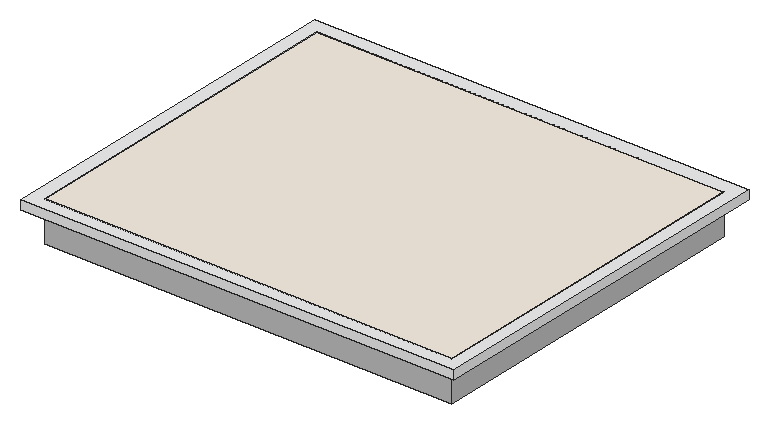
Revit family "Lighting-Industrial-GEWISS-ELIA-HL-LED_HIGHBAY", category Apparecchi per illuminazione, host Superficie, Revit 2019 (continued)
Types (12, lengths in mm): name | Weight (kg): | Weight (kg) | Voltage | Technical sheet | System power | Optic | built-in parameter 1150142 | Lumen output (lm) | Model | IDT | File diagramma fotometrico | Description
  GWF1000MH840 - ELIA HL M2 60° 4000K S.ALONE ON/OFF | "3,9" | "3,9" | "100-240 V " | "https://www.gewiss.com/ww/en/search?q=GWF1100VC875" | "120W" | "60°" | "IESNA:LM-63-1995\r\n[TEST] HB25-120-4080-60D-H00111\r\n[DATE] 27 Nov 2019\r\n[MANUFAC] GEWISS\r\n[LUMCAT] GWF1000MH840\r\n[LUMINAIRE] ELIA HL - M2 60° LED840 120W\r\n[FLASHAREA] 0.013851\r\n[LAMPCAT] LED 120W/16900lm\r\n[LAMP] LED 120W/16900lm\r\nTILT=NONE\r\n1 16900.00 1.0 181 37 1 2 -0.270 0.000 0.000\r\n1.00 1.00 120.00\r\n0.00 0.50 1.00 1.50 2.00 2.50 3.00 3.50 4.00 4.50 5.00 \r\n5.50 6.00 6.50 7.00 7.50 8.00 8.50 9.00 9.50 10.00 10.50 \r\n11.00 11.50 12.00 12.50 13.00 13.50 14.00 14.50 15.00 \r\n15.50 16.00 16.50 17.00 17.50 18.00 18.50 19.00 19.50 \r\n20.00 20.50 21.00 21.50 22.00 22.50 23.00 23.50 24.00 \r\n24.50 25.00 25.50 26.00 26.50 27.00 27.50 28.00 28.50 \r\n29.00 29.50 30.00 30.50 31.00 31.50 32.00 32.50 33.00 \r\n33.50 34.00 34.50 35.00 35.50 36.00 36.50 37.00 37.50 \r\n38.00 38.50 39.00 39.50 40.00 40.50 41.00 41.50 42.00 \r\n42.50 43.00 43.50 44.00 44.50 45.00 45.50 46.00 46.50 \r\n47.00 47.50 48.00 48.50 49.00 49.50 50.00 50.50 51.00 \r\n51.50 52.00 52.50 53.00 53.50 54.00 54.50 55.00 55.50 \r\n56.00 56.50 57.00 57.50 58.00 58.50 59.00 59.50 60.00 \r\n60.50 61.00 61.50 62.00 62.50 63.00 63.50 64.00 64.50 \r\n65.00 65.50 66.00 66.50 67.00 67.50 68.00 68.50 69.00 \r\n69.50 70.00 70.50 71.00 71.50 72.00 72.50 73.00 73.50 \r\n74.00 74.50 75.00 75.50 76.00 76.50 77.00 77.50 78.00 \r\n78.50 79.00 79.50 80.00 80.50 81.00 81.50 82.00 82.50 \r\n83.00 83.50 84.00 84.50 85.00 85.50 86.00 86.50 87.00 \r\n87.50 88.00 88.50 89.00 89.50 90.00 \r\n0.00 2.50 5.00 7.50 10.00 12.50 15.00 17.50 20.00 22.50 \r\n25.00 27.50 30.00 32.50 35.00 37.50 40.00 42.50 45.00 \r\n47.50 50.00 52.50 55.00 57.50 60.00 62.50 65.00 67.50 \r\n70.00 72.50 75.00 77.50 80.00 82.50 85.00 87.50 90.00 \r\n12448.54 12448.54 12443.47 12435.02 12421.50 12404.60 \r\n12387.70 12369.11 12347.14 12323.48 12298.13 12271.09 \r\n12240.67 12208.56 12171.38 12132.51 12088.57 12042.94 \r\n11995.62 11944.92 11892.53 11838.45 11780.99 11723.53 \r\n11664.38 11603.54 11541.01 11475.10 11407.50 11336.52 \r\n11262.16 11184.42 11103.30 11022.18 10939.37 10854.87 \r\n10768.68 10680.80 10591.23 10503.35 10412.09 10317.45 \r\n10217.74 10112.96 10003.11 9888.19 9768.20 9641.45 \r\n9513.01 9382.88 9249.37 9109.10 8965.45 8820.11 8668.01 \r\n8500.70 8323.25 8135.66 7943.00 7750.34 7555.99 7359.95 \r\n7165.60 6974.63 6790.42 6612.97 6440.59 6273.28 6109.35 \r\n5948.80 5788.25 5629.39 5470.53 5311.67 5156.19 5004.09 \r\n4855.37 4706.65 4561.31 4419.35 4282.46 4148.95 4020.51 \r\n3895.45 3773.77 3648.71 3523.65 3401.97 3285.36 3172.13 \r\n3062.28 2957.50 2856.10 2758.08 2660.06 2562.04 2465.71 \r\n2374.45 2286.57 2197.00 2112.50 2033.07 1958.71 1887.73 \r\n1818.44 1754.22 1691.69 1628.65 1566.80 1509.85 1455.26 \r\n1401.18 1348.28 1295.72 1244.68 1196.52 1150.21 1105.09 \r\n1062.16 1023.29 986.11 947.75 910.57 877.28 845.51 814.24 \r\n783.65 753.23 724.33 699.32 675.15 648.62 622.43 599.11 \r\n576.97 554.83 534.04 516.80 500.41 482.66 464.24 444.64 \r\n424.70 405.09 386.84 371.29 357.60 345.10 332.93 318.56 \r\n304.03 290.51 278.00 266.51 256.03 246.91 239.64 235.42 \r\n231.70 226.46 219.02 207.53 194.69 182.35 170.01 157.63 \r\n144.65 130.32 115.21 99.57 83.67 67.36 52.15 39.73 29.27 \r\n20.42 13.37 8.39 5.11 3.23 2.85 \r\n12448.54 12448.54 12443.47 12435.02 12422.34 12405.44 \r\n12387.70 12368.26 12347.98 12324.32 12298.13 12271.09 \r\n12240.67 12206.87 12170.53 12129.97 12086.88 12042.09 \r\n11993.93 11943.23 11892.53 11837.60 11781.83 11724.37 \r\n11666.91 11606.07 11541.85 11475.94 11408.34 11337.36 \r\n11263.00 11184.42 11104.14 11023.02 10940.22 10855.72 \r\n10769.52 10681.64 10592.92 10504.19 10412.93 10318.29 \r\n10219.43 10115.49 10005.64 9889.03 9768.20 9642.29 \r\n9513.01 9382.88 9249.37 9109.94 8967.14 8821.80 8668.85 \r\n8502.39 8324.94 8138.19 7946.38 7752.03 7558.52 7363.33 \r\n7171.51 6982.23 6798.02 6619.73 6448.19 6278.35 6113.57 \r\n5952.18 5791.63 5631.08 5472.22 5313.36 5156.19 5004.09 \r\n4854.52 4708.34 4563.85 4423.57 4286.68 4153.17 4023.89 \r\n3898.83 3776.30 3651.24 3527.03 3404.50 3285.36 3171.28 \r\n3060.59 2954.96 2851.87 2752.16 2654.99 2556.13 2459.80 \r\n2368.53 2279.81 2191.09 2106.59 2028.84 1954.48 1882.66 \r\n1815.06 1749.99 1687.63 1624.43 1563.08 1506.04 1451.37 \r\n1397.63 1344.90 1292.60 1241.64 1193.06 1146.24 1101.04 \r\n1058.11 1019.15 981.72 943.70 907.02 873.48 841.70 810.44 \r\n780.02 749.85 721.12 696.20 672.03 646.00 620.40 597.33 \r\n575.36 553.14 532.27 514.52 497.79 480.30 462.30 443.37 \r\n424.11 404.92 386.76 370.87 356.51 343.83 331.41 317.38 \r\n303.27 290.17 277.75 266.17 255.78 246.74 239.39 234.91 \r\n231.11 226.12 219.11 207.53 194.52 182.44 170.10 157.84 \r\n144.91 130.55 115.44 99.88 84.14 68.15 53.18 40.67 29.96 \r\n20.87 13.63 8.55 5.22 3.29 2.86 \r\n12448.54 12448.54 12443.47 12435.02 12422.34 12406.29 \r\n12387.70 12369.11 12347.98 12324.32 12298.13 12269.40 \r\n12239.82 12205.18 12168.00 12128.28 12085.19 12039.56 \r\n11991.39 11943.23 11890.84 11837.60 11782.68 11726.06 \r\n11666.91 11606.92 11542.70 11476.79 11409.19 11337.36 \r\n11263.00 11185.26 11104.14 11023.02 10939.37 10854.87 \r\n10768.68 10682.49 10593.76 10505.04 10413.78 10319.98 \r\n10221.12 10116.34 10006.49 9889.88 9769.04 9642.29 \r\n9513.01 9382.03 9248.52 9110.79 8967.98 8822.64 8669.70 \r\n8503.23 8326.63 8139.88 7947.22 7753.72 7558.52 7365.86 \r\n7175.74 6988.15 6804.78 6627.33 6454.11 6283.42 6116.95 \r\n5953.87 5794.16 5632.77 5472.22 5313.36 5156.19 5003.24 \r\n4854.52 4707.49 4564.69 4425.27 4288.38 4156.55 4027.27 \r\n3902.21 3778.84 3652.93 3527.03 3404.50 3284.51 3169.59 \r\n3058.05 2950.74 2846.80 2747.09 2648.23 2549.36 2453.03 \r\n2361.77 2273.05 2185.17 2101.51 2022.93 1949.41 1877.59 \r\n1809.99 1744.92 1682.31 1619.61 1558.77 1501.65 1446.72 \r\n1393.15 1340.85 1288.79 1238.09 1189.08 1141.85 1096.56 \r\n1053.80 1014.59 977.07 939.30 902.97 869.50 837.56 806.47 \r\n776.05 746.13 717.74 692.65 668.56 642.96 617.86 595.22 \r\n573.33 551.36 530.41 512.15 494.92 477.59 460.10 441.77 \r\n423.26 404.50 386.42 370.19 355.32 342.31 329.89 316.11 \r\n302.51 289.50 277.24 265.75 255.36 246.40 239.13 234.57 \r\n230.60 225.78 218.94 207.45 194.43 182.44 170.27 158.01 \r\n145.14 130.76 115.63 100.14 84.53 68.84 54.09 41.46 30.55 \r\n21.26 13.85 8.70 5.33 3.34 2.87 \r\n12448.54 12448.54 12443.47 12435.86 12423.19 12406.29 \r\n12388.54 12369.11 12347.14 12323.48 12297.28 12268.56 \r\n12238.13 12203.49 12165.47 12125.75 12083.50 12037.87 \r\n11990.55 11940.69 11890.84 11837.60 11782.68 11726.06 \r\n11667.76 11606.92 11544.39 11478.48 11409.19 11338.21 \r\n11263.00 11184.42 11104.14 11022.18 10939.37 10854.87 \r\n10769.52 10681.64 10593.76 10505.88 10414.63 10320.83 \r\n10221.97 10117.18 10006.49 9889.88 9768.20 9642.29 \r\n9513.01 9381.19 9247.68 9109.94 8967.98 8822.64 8670.54 \r\n8504.08 8326.63 8140.73 7948.07 7753.72 7559.37 7367.55 \r\n7179.12 6993.22 6809.85 6632.40 6459.18 6287.64 6119.49 \r\n5955.56 5794.16 5632.77 5472.22 5311.67 5154.50 5001.55 \r\n4853.68 4707.49 4565.53 4426.95 4290.91 4158.24 4029.80 \r\n3903.90 3779.68 3652.93 3527.03 3403.66 3282.82 3167.06 \r\n3054.67 2946.51 2841.73 2740.34 2640.63 2541.76 2444.59 \r\n2353.32 2265.45 2179.25 2095.60 2017.01 1942.65 1872.52 \r\n1804.07 1739.01 1676.40 1614.12 1553.70 1496.58 1441.57 \r\n1388.17 1336.11 1284.48 1233.87 1184.61 1137.03 1091.91 \r\n1049.24 1009.77 972.09 934.74 898.74 865.20 833.25 802.16 \r\n771.99 742.25 714.02 688.93 664.85 639.75 615.24 592.77 \r\n571.14 549.25 528.29 509.70 491.96 474.72 457.57 439.91 \r\n422.08 403.74 385.91 369.43 354.14 340.79 328.20 314.68 \r\n301.41 288.74 276.65 265.25 254.94 246.15 238.97 234.32 \r\n230.18 225.36 218.69 207.19 194.18 182.27 170.28 158.15 \r\n145.32 130.92 115.78 100.36 84.87 69.43 54.87 42.13 31.02 \r\n21.58 14.04 8.83 5.42 3.39 2.87 \r\n12448.54 12448.54 12443.47 12435.02 12423.19 12407.13 \r\n12388.54 12369.11 12347.98 12323.48 12295.59 12267.71 \r\n12236.44 12201.80 12163.77 12124.06 12081.81 12036.18 \r\n11988.86 11939.85 11888.31 11836.76 11782.68 11726.91 \r\n11668.60 11608.61 11544.39 11478.48 11409.19 11338.21 \r\n11263.00 11184.42 11103.30 11021.33 10939.37 10854.87 \r\n10769.52 10681.64 10593.76 10505.88 10414.63 10320.83 \r\n10222.81 10118.03 10006.49 9889.88 9768.20 9641.45 \r\n9511.32 9381.19 9247.68 9109.94 8968.83 8822.64 8669.70 \r\n8504.08 8327.47 8140.73 7948.91 7753.72 7559.37 7369.24 \r\n7182.50 6997.44 6815.77 6638.32 6462.56 6290.18 6121.18 \r\n5957.25 5794.16 5632.77 5471.37 5309.98 5151.97 4999.86 \r\n4851.99 4706.65 4565.53 4426.95 4292.60 4159.93 4030.65 \r\n3904.74 3779.68 3652.93 3526.18 3401.97 3281.13 3164.52 \r\n3050.45 2941.45 2835.82 2733.57 2633.02 2534.15 2436.98 \r\n2345.72 2258.68 2172.49 2089.68 2011.10 1937.59 1865.76 \r\n1798.16 1733.09 1670.06 1608.20 1548.29 1491.09 1435.91 \r\n1382.76 1330.96 1279.67 1229.31 1179.70 1132.05 1087.09 \r\n1044.50 1004.79 967.02 930.01 894.35 860.97 828.86 797.85 \r\n767.77 738.28 710.22 685.13 661.04 636.37 612.29 590.15 \r\n568.77 547.05 526.01 507.08 489.09 471.76 454.78 437.79 \r\n420.64 402.81 385.32 368.50 352.87 339.27 326.42 313.24 \r\n300.31 287.81 275.89 264.65 254.43 245.98 238.88 234.06 \r\n229.76 225.02 218.43 206.94 193.93 182.18 170.32 158.24 \r\n145.44 131.03 115.88 100.51 85.13 69.91 55.52 42.68 31.40 \r\n21.83 14.19 8.94 5.50 3.43 2.87 \r\n12448.54 12448.54 12443.47 12435.02 12423.19 12407.13 \r\n12389.39 12369.11 12347.14 12322.63 12295.59 12266.02 \r\n12234.75 12199.26 12161.24 12121.52 12079.27 12034.49 \r\n11988.01 11938.16 11888.31 11835.91 11782.68 11726.91 \r\n11669.45 11609.45 11545.23 11479.32 11410.03 11337.36 \r\n11262.16 11184.42 11103.30 11021.33 10937.68 10854.02 \r\n10768.68 10682.49 10593.76 10505.88 10414.63 10320.83 \r\n10223.66 10118.88 10006.49 9889.88 9767.35 9641.45 \r\n9511.32 9380.34 9246.83 9109.94 8968.83 8823.49 8669.70 \r\n8503.23 8326.63 8140.73 7948.07 7754.56 7560.22 7371.78 \r\n7185.03 7000.82 6819.99 6642.55 6466.78 6292.72 6122.02 \r\n5956.40 5793.32 5630.23 5468.84 5308.29 5149.43 4998.17 \r\n4850.30 4705.80 4564.69 4427.80 4292.60 4160.78 4031.49 \r\n3904.74 3778.84 3651.24 3525.34 3400.28 3278.60 3160.30 \r\n3046.22 2936.37 2830.75 2726.81 2626.26 2525.70 2430.22 \r\n2338.11 2251.92 2165.74 2082.92 2005.18 1931.67 1859.84 \r\n1791.40 1727.18 1663.47 1602.04 1542.55 1485.26 1429.91 \r\n1377.01 1325.55 1274.43 1224.32 1174.72 1126.81 1082.02 \r\n1039.77 999.89 961.95 925.19 889.95 856.49 824.38 793.45 \r\n763.54 734.22 706.42 681.15 657.07 632.74 609.24 587.36 \r\n566.15 544.69 523.82 504.46 486.13 468.72 451.91 435.43 \r\n418.95 401.71 384.56 367.57 351.60 337.75 324.82 311.80 \r\n299.21 286.96 275.22 263.98 253.92 245.64 238.88 233.81 \r\n229.25 224.52 218.01 206.52 193.59 181.93 170.27 158.28 \r\n145.52 131.09 115.94 100.62 85.33 70.29 56.04 43.11 31.68 \r\n22.02 14.32 9.03 5.57 3.47 2.87 \r\n12448.54 12448.54 12443.47 12435.02 12423.19 12407.98 \r\n12389.39 12369.11 12346.29 12321.79 12294.75 12265.17 \r\n12233.06 12197.57 12159.55 12119.83 12076.74 12032.80 \r\n11986.32 11937.31 11887.46 11835.91 11782.68 11727.75 \r\n11670.29 11609.45 11546.08 11480.17 11410.03 11338.21 \r\n11263.00 11184.42 11104.14 11021.33 10937.68 10854.02 \r\n10768.68 10682.49 10594.61 10506.73 10415.47 10321.67 \r\n10224.50 10118.88 10007.33 9889.88 9767.35 9640.60 \r\n9511.32 9379.50 9245.99 9110.79 8968.83 8823.49 8669.70 \r\n8502.39 8326.63 8140.73 7948.07 7754.56 7561.06 7372.62 \r\n7187.57 7005.05 6824.22 6645.92 6469.32 6294.40 6122.87 \r\n5955.56 5792.47 5629.39 5467.15 5306.60 5147.74 4995.64 \r\n4848.61 4704.96 4564.69 4426.95 4292.60 4160.78 4031.49 \r\n3903.90 3777.99 3649.55 3522.80 3397.74 3275.22 3156.07 \r\n3041.15 2931.30 2824.84 2720.05 2618.65 2518.95 2421.77 \r\n2330.51 2243.47 2158.13 2077.01 1999.27 1924.91 1853.93 \r\n1785.48 1719.57 1656.88 1595.78 1536.72 1479.26 1423.82 \r\n1371.10 1319.89 1269.11 1219.17 1169.56 1121.65 1077.12 \r\n1035.04 995.07 956.96 920.54 885.64 852.18 820.07 789.15 \r\n759.40 730.33 702.70 677.35 653.18 629.19 606.12 584.57 \r\n563.62 542.32 521.53 501.93 483.26 465.68 449.03 432.98 \r\n417.09 400.45 383.71 366.65 350.42 336.23 323.13 310.28 \r\n297.95 285.86 274.37 263.30 253.33 245.47 238.88 233.64 \r\n228.91 224.09 217.50 206.01 193.08 181.67 170.12 158.24 \r\n145.50 131.08 115.94 100.66 85.45 70.57 56.45 43.44 31.86 \r\n22.15 14.41 9.11 5.63 3.50 2.87 \r\n12448.54 12448.54 12443.47 12435.02 12423.19 12407.98 \r\n12388.54 12369.11 12346.29 12320.94 12293.90 12263.48 \r\n12231.37 12195.04 12157.01 12117.30 12075.89 12031.11 \r\n11984.63 11936.47 11886.61 11835.07 11782.68 11728.60 \r\n11670.29 11610.30 11547.77 11480.17 11410.03 11338.21 \r\n11263.00 11184.42 11104.14 11020.49 10936.83 10853.18 \r\n10768.68 10683.33 10595.45 10506.73 10416.31 10322.52 \r\n10224.50 10119.72 10006.49 9889.03 9767.35 9640.60 \r\n9510.47 9379.50 9245.99 9110.79 8970.52 8823.49 8669.70 \r\n8502.39 8326.63 8140.73 7948.91 7755.41 7562.75 7375.16 \r\n7190.10 7008.43 6827.60 6648.46 6471.85 6296.09 6122.87 \r\n5955.56 5791.63 5627.70 5464.61 5304.06 5146.05 4993.95 \r\n4846.92 4703.27 4563.00 4426.11 4291.75 4159.93 4030.65 \r\n3902.21 3775.46 3647.02 3519.42 3393.52 3271.84 3151.85 \r\n3036.09 2926.23 2818.92 2714.14 2611.89 2511.34 2414.16 \r\n2323.75 2236.71 2152.21 2070.25 1993.35 1918.15 1848.01 \r\n1779.57 1713.66 1650.28 1589.53 1530.80 1473.17 1417.57 \r\n1365.10 1314.23 1263.78 1214.01 1164.49 1116.58 1072.31 \r\n1030.56 990.42 952.15 915.98 881.42 847.96 815.85 785.09 \r\n755.35 726.53 698.90 673.46 649.30 625.72 603.08 581.78 \r\n561.00 540.04 519.34 499.48 480.55 462.89 446.08 430.53 \r\n415.15 399.18 382.70 365.63 349.15 334.79 321.52 308.85 \r\n296.76 284.85 273.53 262.54 252.74 245.22 238.88 233.56 \r\n228.49 223.50 216.83 205.50 192.66 181.34 170.03 158.12 \r\n145.40 131.01 115.90 100.66 85.49 70.77 56.75 43.66 31.97 \r\n22.22 14.48 9.17 5.68 3.53 2.87 \r\n12448.54 12448.54 12442.62 12435.02 12423.19 12407.13 \r\n12389.39 12368.26 12345.45 12320.10 12293.06 12262.64 \r\n12230.53 12193.35 12154.48 12115.61 12074.20 12029.42 \r\n11982.94 11935.62 11885.77 11835.07 11783.52 11728.60 \r\n11671.14 11611.14 11547.77 11480.17 11410.88 11338.21 \r\n11263.00 11185.26 11104.14 11021.33 10937.68 10853.18 \r\n10769.52 10683.33 10596.30 10507.57 10416.31 10323.36 \r\n10226.19 10120.56 10008.18 9890.72 9768.20 9641.45 \r\n9512.16 9381.19 9246.83 9111.63 8971.36 8825.18 8670.54 \r\n8503.23 8326.63 8140.73 7949.76 7757.10 7564.44 7377.69 \r\n7193.48 7010.97 6830.98 6651.84 6473.55 6296.94 6122.87 \r\n5955.56 5790.78 5626.01 5463.77 5301.53 5144.36 4992.26 \r\n4845.23 4701.58 4563.00 4425.27 4290.91 4158.24 4029.80 \r\n3900.52 3772.92 3643.64 3516.05 3390.98 3267.61 3147.62 \r\n3031.01 2920.32 2813.00 2708.22 2604.29 2504.58 2408.25 \r\n2316.14 2229.95 2146.30 2064.34 1987.44 1913.08 1842.10 \r\n1774.50 1707.74 1644.03 1583.53 1525.06 1467.34 1411.66 \r\n1359.27 1308.57 1258.37 1208.94 1159.51 1111.77 1067.74 \r\n1026.25 986.03 947.58 911.75 877.45 843.99 811.88 781.12 \r\n751.63 722.90 695.52 669.92 645.66 622.43 600.12 578.99 \r\n558.46 537.76 517.22 497.20 478.02 460.10 443.37 428.16 \r\n413.20 397.74 381.86 364.70 347.97 333.52 320.09 307.50 \r\n295.58 283.84 272.68 261.87 252.15 244.97 238.97 233.47 \r\n228.07 222.91 216.15 204.74 192.07 181.00 169.76 157.94 \r\n145.20 130.85 115.78 100.57 85.47 70.86 56.94 43.77 31.99 \r\n22.25 14.52 9.21 5.72 3.55 2.87 \r\n12448.54 12447.69 12442.62 12435.02 12423.19 12407.13 \r\n12389.39 12368.26 12346.29 12320.10 12292.22 12261.79 \r\n12227.99 12192.50 12153.63 12114.76 12072.51 12028.57 \r\n11982.94 11934.78 11884.92 11835.07 11783.52 11728.60 \r\n11671.98 11611.99 11547.77 11481.01 11410.88 11338.21 \r\n11263.00 11185.26 11104.99 11022.18 10937.68 10854.02 \r\n10769.52 10685.02 10597.14 10509.26 10418.00 10325.06 \r\n10227.03 10121.41 10009.02 9891.57 9769.04 9642.29 \r\n9513.01 9382.03 9249.37 9113.32 8973.90 8826.87 8671.39 \r\n8504.08 8327.47 8142.42 7951.45 7758.79 7567.82 7381.07 \r\n7196.86 7014.34 6834.36 6655.22 6476.08 6297.78 6123.72 \r\n5955.56 5789.94 5624.32 5461.23 5300.68 5143.52 4991.41 \r\n4844.38 4701.58 4561.31 4424.42 4289.22 4157.40 4027.27 \r\n3898.83 3769.55 3641.10 3512.66 3387.60 3263.39 3143.40 \r\n3025.95 2915.25 2807.93 2702.31 2599.2
